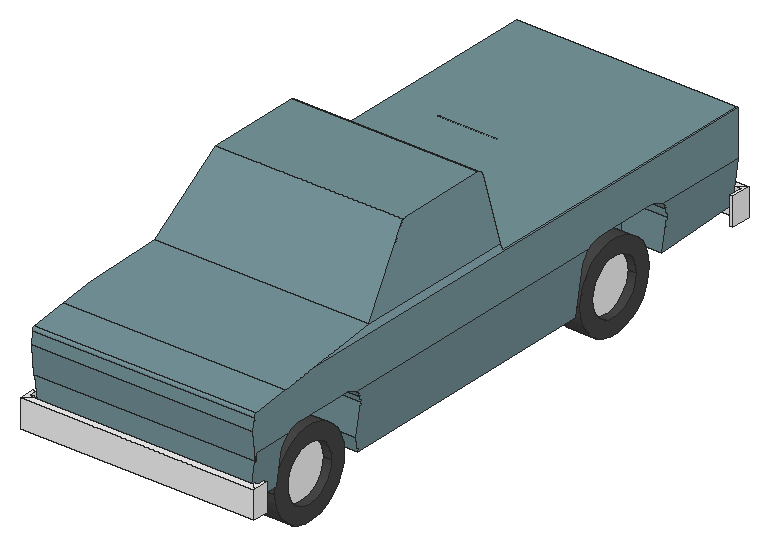
Revit family "M_Caminhão - Caminhonete", category Terreno, Revit 2019
Family settings
  Cota do conector redondo = Utilizar diâmetro
  Tipo de parte = Normal
  ID de item do Seek = Truck - Pick-Up-0000-CAN-ENU
  Com base no plano de trabalho = Não
  Sempre na vertical = Não
  Corte com vazios quando carregada = Não
  Compartilhado = Não
Parameters (values of type "Caminhonete")
  Material de pneumático = Borracha - Preto
  Material = Metal - Acabamento pintado - Azul, Céu
Reference planes
  plane 1 "Centro (Frente/Trás)": x = 32.238
  plane 2: z = 0
  plane 3 "Centro (Esquerda/Direita)": y = -32.238
  plane 4: y = 3015.762
  plane 5 "3": y = -1962.638
  plane 6 "1": x = -437.77
  plane 7 "2": x = 520.276
  plane 8: z = 623.358
Forms (mm)
  Extrusion 1, solid, material "Metal - Acabamento pintado - Azul, Céu" <- "Material"
    sketch origin (32.238, -6705.6, 0) x (0, -1, 0) y (0, 0, 1)
      loop
        line (-9721.362, 480.545) -> (-9005.969, 439.398) -> (-9005.969, 710.957) -> (-8993.84, 779.746)
        arc (-8993.84, 779.746) -> (-8917.232, 860.843) -> (-8809.216, 888.734) r 201.433
        line (-8809.216, 888.734) -> (-8402.816, 888.734) -> (-8320.302, 885.146)
        arc (-8320.302, 885.146) -> (-8232.332, 869.271) -> (-8159.052, 818.079) r 208.9
        line (-8159.052, 818.079) -> (-8124.979, 749.922) -> (-8124.979, 336.284) -> (-5882.04, 336.284) -> (-5850.95, 452.314) -> (-5850.95, 731.714) -> (-5837.802, 780.783)
        arc (-5837.802, 780.783) -> (-5760.078, 858.968) -> (-5651.648, 878.887) r 184.537
        line (-5651.648, 878.887) -> (-5230.789, 878.887)
        arc (-5230.789, 878.887) -> (-5090.826, 839.591) -> (-5022.638, 711.2) r 184.723
        line (-5022.638, 711.2) -> (-5022.638, 455.391) -> (-4753.676, 455.391) -> (-4753.676, 779.241) -> (-4729.781, 1006.589) -> (-4742.162, 1107.432)
        arc (-4742.162, 1107.432) -> (-4749.055, 1124.072) -> (-4765.696, 1130.965) r 23.533
        line (-4765.696, 1130.965) -> (-5061.095, 1173.526)
        arc (-5061.095, 1173.526) -> (-5510.341, 1225.952) -> (-5961.758, 1254.122) r 8400.425
        line (-5961.758, 1254.122) -> (-6450.35, 1778) -> (-7227.719, 1778)
        arc (-7227.719, 1778) -> (-7253.459, 1767.99) -> (-7265.674, 1743.221) r 38.1
        line (-7265.674, 1743.221) -> (-7311.52, 1219.2) -> (-9721.362, 1219.2) -> (-9721.362, 480.545)
    from 914.4 to -914.4
  Extrusion 2, solid, material "Borracha - Preto" <- "Material de pneumático"
    sketch origin (-94.762, -1143, 1016) x (0, -1, 0) y (0, 0, 1)
      loop
        circle (-3015.773, -660.4) r 355.6
      loop
        circle (124.538, -660.4) r 355.6
      loop
        circle (124.538, -660.4) r 228.6
      loop
        circle (-3015.773, -660.4) r 228.6
    from 482.6 to 685.8
  Extrusion 3, solid, material "Metal - Acabamento pintado - Azul, Céu"
    sketch origin (5715, 5562.6, 0) x (1, 0, 0) y (0, 1, 0)
      loop
        line (-6152.77, -3262.231) -> (-6152.77, -4143.221) -> (-5194.724, -4143.221) -> (-5194.724, -3262.231) -> (-6152.77, -3262.231)
    from 623.627 to 595.908
  Sweep 4, solid, material "Aço"
    path origin (5715, 5562.6, 0) x (1, 0, 0) y (0, 1, 0)
      loop
        line (-6597.162, -7462.219) -> (-6597.162, -7538.419) -> (-4771.875, -7538.419) -> (-4771.875, -7462.219)
    profile origin (0, -1937.719, 0) x (1, 0, 0) y (0, 0, 1)
      loop
        line (-882.162, 394.758) -> (-882.162, 623.358) -> (-932.962, 623.358) -> (-932.962, 394.758) -> (-882.162, 394.758)
  Sweep 5, solid, material "Aço"
    path origin (5715, 5562.6, 0) x (1, 0, 0) y (0, 1, 0)
      loop
        line (-6597.162, -2659.58) -> (-6597.162, -2546.838) -> (-4771.875, -2546.838) -> (-4771.875, -2659.58)
    profile origin (0, 2959.391, 0) x (-1, 0, 0) y (0, 0, 1)
      loop
        line (882.162, 394.758) -> (932.962, 394.758) -> (932.962, 623.358) -> (882.162, 623.358) -> (882.162, 394.758)
  Extrusion 6, solid, material "Metal - Acabamento pintado - Azul, Céu"
    sketch origin (520.276, 0, 0) x (0, 1, 0) y (0, 0, 1)
      loop
        line (2300.369, 710.957) -> (2288.24, 779.746)
        arc (2288.24, 779.746) -> (2211.632, 860.843) -> (2103.616, 888.734) r 201.433
        line (2103.616, 888.734) -> (1697.216, 888.734) -> (1614.702, 885.146)
        arc (1614.702, 885.146) -> (1526.732, 869.271) -> (1453.452, 818.079) r 208.9
        line (1453.452, 818.079) -> (1419.379, 749.922) -> (1419.379, 456.934) -> (2300.369, 456.934) -> (2300.369, 710.957)
    from -1005.125 to -958.056
  Extrusion 7, solid, material "Metal - Acabamento pintado - Azul, Céu"
    sketch origin (520.276, 5562.6, 0) x (0, 1, 0) y (0, 0, 1)
      loop
        line (-3262.231, 710.957) -> (-3274.36, 779.746)
        arc (-3274.36, 779.746) -> (-3350.968, 860.843) -> (-3458.984, 888.734) r 201.433
        line (-3458.984, 888.734) -> (-3865.384, 888.734) -> (-3947.898, 885.146)
        arc (-3947.898, 885.146) -> (-4035.868, 869.271) -> (-4109.148, 818.079) r 208.9
        line (-4109.148, 818.079) -> (-4143.221, 749.922) -> (-4143.221, 456.934) -> (-3262.231, 456.934) -> (-3262.231, 710.957)
    from 0 to 35.322
  Extrusion 8, solid, material "Aço"
    sketch origin (520.276, 0, 0) x (0, 1, 0) y (0, 0, 1)
      loop
        circle (1872.773, 355.6) r 228.6
      loop
        circle (-1267.538, 355.6) r 228.6
    from -1225.37 to -1097.558
  Extrusion 9, solid, material "Borracha - Preto" <- "Material de pneumático"
    sketch origin (159.238, -1143, 1016) x (0, -1, 0) y (0, 0, -1)
      loop
        circle (-3015.773, 660.4) r 355.6
      loop
        circle (124.538, 660.4) r 355.6
      loop
        circle (124.538, 660.4) r 228.6
      loop
        circle (-3015.773, 660.4) r 228.6
    from 482.6 to 685.8
  Extrusion 10, solid, material "Aço"
    sketch origin (-455.799, 5562.6, 0) x (0, 1, 0) y (0, 0, -1)
      loop
        circle (-3689.827, -355.6) r 228.6
      loop
        circle (-6830.138, -355.6) r 228.6
    from -1225.37 to -1097.558
  Extrusion 11, void
    sketch origin (0, -1962.638, 0) x (0, 0, 1) y (-1, 0, 0)
      loop
        line (1778, 907.562) -> (305.331, 907.562) -> (305.331, 815.84) -> (854.18, 884.29) -> (1207.088, 884.29) -> (1254.122, 853.203) -> (1778, 735.726) -> (1778, 907.562)
      loop
        line (1778, -972.038) -> (1778, -800.203) -> (1254.122, -917.68) -> (1207.088, -948.767) -> (854.18, -948.767) -> (305.331, -880.317) -> (305.331, -972.038) -> (1778, -972.038)
    from -4978.4 to -10.714
Cuts and joins
  Extrusion 11 cuts Extrusion 1
  Extrusion 11 cuts Extrusion 2
  Extrusion 11 cuts Extrusion 3
  Extrusion 11 cuts Sweep 4
  Extrusion 11 cuts Sweep 5
  Extrusion 11 cuts Extrusion 6
  Extrusion 11 cuts Extrusion 7
  Extrusion 11 cuts Extrusion 8
  Extrusion 11 cuts Extrusion 9
  Extrusion 11 cuts Extrusion 10
Lines and regions (mm)
  Split face 1
    outline origin (-882.162, -743.842, 1254.122) x (1, 0, 0) y (0, 0.682049, 0.731307)
      loop
        line (167.387, 661.115) -> (63.523, 33.933) -> (1765.323, 33.933) -> (1665.987, 661.115) -> (167.387, 661.115)
  Split face 2
    outline origin (-853.203, -1951.924, 1254.122) x (0.218811, 0, 0.975767) y (0, 1, 0)
      loop
        line (23.467, 2458.563) -> (23.467, 1268.787) -> (493.367, 1706.975) -> (493.367, 2417.452) -> (23.467, 2458.563)
  Split face 3
    outline origin (800.203, -1951.924, 1778) x (0.218811, 0, -0.975767) y (0, 1, 0)
      loop
        line (42.865, 2418.047) -> (42.865, 1706.99) -> (512.765, 1268.801) -> (512.765, 2459.158) -> (42.865, 2418.047)
  Split face 4
    outline origin (-882.162, 560.074, 1743.221) x (1, 0, 0) y (0, 0.087156, -0.996195)
      loop
        line (1668.055, 13.322) -> (1761.77, 455.962) -> (67.547, 455.962) -> (167, 13.322) -> (1668.055, 13.322)
  symbolic lines, style "Logística"
    curve 1: line (-484.849, 2288.24, 0) -> (-802.432, 2288.24, 0)
    curve 2: line (-484.849, 1453.452, 0) -> (-802.432, 1453.452, 0)
    curve 3: line (-484.849, 1453.452, 0) -> (-484.849, 2288.24, 0)
    curve 4: line (-802.432, 605.92, 0) -> (-802.432, 2977.662, 0)
    curve 5: line (866.909, 2977.662, 0) -> (-802.432, 2977.662, 0)
    curve 6: line (549.326, 2288.24, 0) -> (866.909, 2288.24, 0)
    curve 7: line (549.326, 1453.452, 0) -> (866.909, 1453.452, 0)
    curve 8: line (549.326, 1453.452, 0) -> (549.326, 2288.24, 0)
    curve 9: line (866.909, 605.92, 0) -> (866.909, 2977.662, 0)
